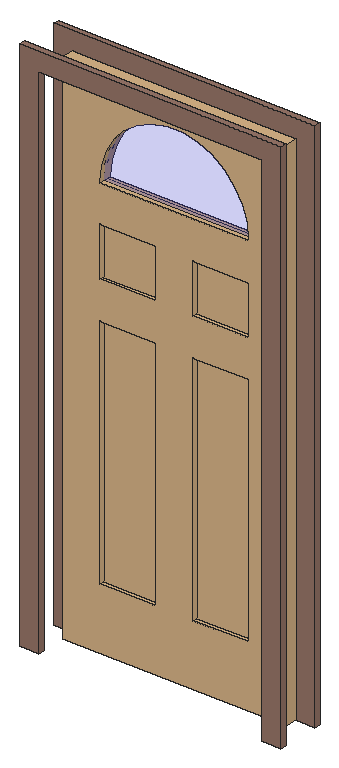
Revit family
Parameters (values of type "0915 x 2134mm")
  Thickness = 50.00 mm
  Frame Material = Door - Frame
  Height = 2134.00 mm
  Trim Projection Ext = 25.00 mm
  Trim Projection Int = 25.00 mm
  Trim Width = 75.00 mm
  Wall Closure = (empty or 0)
  Width = 915.00 mm
  Door Material = Door - Panel
Types (7, lengths in mm): name | Height | Trim Width | Width
  0915 x 2134mm | 2134.00 | 75.00 | 915.00
  0864 x 2134mm | 2134.00 | 76.00 | 864.00
  0813 x 2134mm | 2134.00 | 76.00 | 813.00
  0762 x 2134mm | 2134.00 | 76.00 | 762.00
  0762 x 2032mm | 2032.00 | 76.00 | 762.00
  0915 x 2032mm | 2032.00 | 76.00 | 915.00
  0864 x 2032mm | 2032.00 | 76.00 | 864.00
Reference planes
  plane 1: y = 0
  plane 2: z = 0
  plane 3: x = 0
  plane 4: x = -457.5
  plane 5: x = 457.5
  plane 6: z = 2134
  plane 7: x = 305.1
  plane 8: x = -305.1
  plane 9: z = 254
  plane 10: z = 1219.3
  plane 11: z = 1371.7
  plane 12: z = 1574.9
  plane 13: z = 1727.3
  plane 14: z = 2032.4
  plane 15: x = -76.2
  plane 16: x = 76.2
  plane 17: y = 75
Forms (mm)
  Extrusion 1, solid, material "Door - Panel" <- "Door Material"
    sketch origin (-1524, 76.2, 0) x (-1, 0, 0) y (0, 0, 1)
      loop
        line (-1218.9, 254) -> (-1218.9, 1219.3) -> (-1447.8, 1219.3) -> (-1447.8, 254) -> (-1218.9, 254)
      loop
        line (-1829.1, 1219.3) -> (-1829.1, 254) -> (-1600.2, 254) -> (-1600.2, 1219.3) -> (-1829.1, 1219.3)
      loop
        line (-1829.1, 1574.9) -> (-1829.1, 1371.7) -> (-1600.2, 1371.7) -> (-1600.2, 1574.9) -> (-1829.1, 1574.9)
      loop
        line (-1447.8, 1574.9) -> (-1447.8, 1371.7) -> (-1218.9, 1371.7) -> (-1218.9, 1574.9) -> (-1447.8, 1574.9)
    from -17.867 to -34.533
  Extrusion 2, solid, material "Glass"
    sketch origin (-1524, 76.2, 0) x (-1, 0, 0) y (0, 0, 1)
      loop
        arc (-1218.9, 1727.3) -> (-1524, 2032.4) -> (-1829.1, 1727.3) r 305.1
        line (-1829.1, 1727.3) -> (-1218.9, 1727.3)
    from -17.867 to -34.533
  Extrusion 3, solid, material "Door - Frame" <- "Frame Material"
    sketch origin (-1524, 75, 0) x (-1, 0, 0) y (0, 0, 1)
      loop
        line (-2057.5, 2209) -> (-2057.5, 0) -> (-1981.5, 0) -> (-1981.5, 2134) -> (-1066.5, 2134) -> (-1066.5, 0) -> (-990.5, 0) -> (-990.5, 2209) -> (-2057.5, 2209)
    from 0 to 25
  Extrusion 4, solid, material "Door - Frame" <- "Frame Material"
    sketch origin (-1524, -75, 0) x (1, 0, 0) y (0, 0, 1)
      loop
        line (2057.5, 0) -> (2057.5, 2209) -> (990.5, 2209) -> (990.5, 0) -> (1066.5, 0) -> (1066.5, 2134) -> (1981.5, 2134) -> (1981.5, 0) -> (2057.5, 0)
    from 0 to 25
  Extrusion 5, solid, material "Door - Panel" <- "Door Material"
    sketch origin (-1524, -75, 0) x (1, 0, 0) y (0, 0, 1)
      loop
        line (1066.5, 2134) -> (1066.5, 0) -> (1981.5, 0) -> (1981.5, 2134) -> (1066.5, 2134)
      loop
        line (1218.9, 1219.3) -> (1218.9, 254) -> (1447.8, 254) -> (1447.8, 1219.3) -> (1218.9, 1219.3)
      loop
        line (1600.2, 1219.3) -> (1600.2, 254) -> (1829.1, 254) -> (1829.1, 1219.3) -> (1600.2, 1219.3)
      loop
        line (1218.9, 1371.7) -> (1447.8, 1371.7) -> (1447.8, 1574.9) -> (1218.9, 1574.9) -> (1218.9, 1371.7)
      loop
        line (1829.1, 1574.9) -> (1600.2, 1574.9) -> (1600.2, 1371.7) -> (1829.1, 1371.7) -> (1829.1, 1574.9)
      loop
        line (1218.9, 1727.3) -> (1829.1, 1727.3)
        arc (1829.1, 1727.3) -> (1524, 2032.4) -> (1218.9, 1727.3) r 305.1
    from -150 to -100
Lines and regions (mm)
  Opening 1
    outline origin (-1524, -75, 3657.6) x (0, 0, -1) y (1, 0, 0)
      loop
        line (1523.6, 1066.5) -> (3657.6, 1066.5) -> (3657.6, 1981.5) -> (1523.6, 1981.5) -> (1523.6, 1066.5)
  symbolic lines, style "DoorsPanelProjection"
    curve 1: line (457.5, 75, 0) -> (407.5, 75, 0)
    curve 2: line (457.5, 75, 0) -> (457.5, 990.045, 0)
    curve 3: line (457.5, 990.045, 0) -> (407.5, 990.045, 0)
    curve 4: line (407.5, 75, 0) -> (407.5, 990.045, 0)
  model lines, style "DoorsFrameMullionProjection"
    curve 5: line (533.5, -75, 2209) -> (533.5, -75, 0)
    curve 6: line (533.5, 75, 0) -> (533.5, 75, 2209)
    curve 7: line (-533.5, 75, 2209) -> (533.5, 75, 2209)
    curve 8: line (-533.5, 75, 2209) -> (-533.5, 75, 0)
    curve 9: line (-528.882, -75, 2209) -> (512.718, -75, 2209)
    curve 10: line (-533.5, -75, 2209) -> (-533.5, -75, 0)
  symbolic lines, style "Plan Swing"
    curve 11: arc (407.5, 990.045, 0) -> (-207.943, 705.074, 0) -> (-458.91, 75, 0) r 916.41
  symbolic lines, style "Elevation Swing"
    curve 12: line (-457.5, 0, 2134) -> (457.5, 0, 1067)
    curve 13: line (457.5, 0, 1067) -> (-457.5, 0, 0)
Dimensions and locks
  equal spacing: plane 4, plane 3, plane 5
  "Width": plane 4 to plane 5
  "Height": plane 6 to plane 2
  locked: curve 7 to host wall
  plane 4 to plane 8 = 152.40 mm
  plane 7 to plane 5 = 152.40 mm
  "Trim Width": curve 9 to plane 6
  "Trim Projection Ext": Extrusion 3 to host wall
  "Trim Projection Int": Extrusion 4 to host wall
  "Thickness": curve 4 to plane 5
  locked: plane 9 to level at 254
  plane 6 to plane 14 to plane 13 to plane 12 to plane 11 to plane 10 = 101.60 mm, 305.10 mm, 152.40 mm, 203.20 mm, 152.40 mm
  locked: plane 15 to plane 16 at 152.4
  equal spacing: plane 15, plane 3, plane 16
  locked: plane 17 to host wall at 0
  "Thickness": Extrusion 5 to plane 17
  equal spacing: Extrusion 5, Extrusion 1, Extrusion 1, plane 17
  equal spacing: plane 17, Extrusion 2, Extrusion 2, Extrusion 5
  equal spacing: plane 6, curve 13, level
  aligned and locked: curve 5 to level
  aligned and locked: host wall to plane 1
  aligned and locked: curve 10 to curve 7
  aligned and locked: curve 10 to curve 8
  aligned and locked: curve 6 to Extrusion 3 sketch curve
  aligned and locked: Extrusion 3 sketch curve to curve 8
  aligned and locked: Extrusion 3 sketch curve to curve 7
  aligned and locked: plane 2 to Extrusion 3 sketch curve
  aligned and locked: Extrusion 4 sketch curve to curve 7
  aligned and locked: Extrusion 4 sketch curve to curve 5
  aligned and locked: Extrusion 4 sketch curve to curve 8
  aligned and locked: Extrusion 1 sketch curve to Extrusion 1 sketch curve  (x8)
  aligned and locked: plane 11 to Extrusion 1 sketch curve
  aligned and locked: plane 12 to Extrusion 1 sketch curve
  aligned and locked: Extrusion 1 sketch curve to plane 7
  aligned and locked: plane 8 to Extrusion 1 sketch curve
  aligned and locked: plane 15 to Extrusion 1 sketch curve
  aligned and locked: Extrusion 1 sketch curve to plane 16
  aligned and locked: Extrusion 1 sketch curve to plane 9
  aligned and locked: Extrusion 1 sketch curve to plane 10
  aligned and locked: Extrusion 2 sketch curve to plane 13
  aligned and locked: level to Extrusion 5 sketch curve
  aligned and locked: plane 6 to Extrusion 5 sketch curve
  aligned and locked: plane 5 to Extrusion 5 sketch curve
  aligned and locked: Extrusion 5 sketch curve to plane 4
  aligned and locked: Extrusion 5 sketch curve to plane 8
  aligned and locked: plane 15 to Extrusion 5 sketch curve
  aligned and locked: Extrusion 5 sketch curve to plane 16
  aligned and locked: plane 7 to Extrusion 5 sketch curve
  aligned and locked: Extrusion 5 sketch curve to plane 9  (x2)
  aligned and locked: plane 10 to Extrusion 5 sketch curve  (x2)
  aligned and locked: plane 11 to Extrusion 5 sketch curve  (x2)
  aligned and locked: Extrusion 5 sketch curve to plane 12  (x2)
  aligned and locked: Extrusion 5 sketch curve to plane 7
  aligned and locked: plane 8 to Extrusion 5 sketch curve
  aligned and locked: Extrusion 5 sketch curve to plane 15
  aligned and locked: plane 16 to Extrusion 5 sketch curve
  aligned and locked: Extrusion 5 sketch curve to Extrusion 2
  aligned and locked: host wall to Extrusion 5
Automatic sketch dimensions
  Opening 1 sketch curve to plane 6 = 0.00 mm
  Opening 1 sketch curve to level = 0.00 mm
  Opening 1 sketch curve to plane 4 = 0.00 mm
  Opening 1 sketch curve to plane 5 = 0.00 mm
  Extrusion 3 sketch curve to level = 0.00 mm
  Extrusion 4 sketch curve to level = 0.00 mm  (x2)
  Extrusion 4 sketch curve to plane 4 = 0.00 mm
  Extrusion 4 sketch curve to plane 5 = 0.00 mm
  Extrusion 4 sketch curve to plane 6 = 0.00 mm
  curve 1 to plane 5 = 0.00 mm
  curve 11 to plane 5 = 0.00 mm
  plane 4 to curve 11 = 1.41 mm
  Extrusion 3 sketch curve to plane 5 = 0.00 mm
  Extrusion 3 sketch curve to plane 4 = 0.00 mm
  Extrusion 3 sketch curve to plane 6 = 0.00 mm
  curve 1 to host wall = 0.00 mm
  Extrusion 2 sketch curve to plane 7 = 0.00 mm
  Extrusion 2 sketch curve to plane 8 = 0.00 mm
  Extrusion 5 sketch curve to plane 8 = 0.00 mm
  Extrusion 5 sketch curve to plane 3 = 0.00 mm
  curve 11 to host wall = 0.00 mm
  curve 12 to plane 4 = 0.00 mm
  curve 12 to plane 6 = 0.00 mm
  curve 12 to plane 5 = 0.00 mm
  curve 10 to level = 0.00 mm
  curve 6 to level = 0.00 mm
  curve 13 to level = 0.00 mm
  curve 8 to level = 0.00 mm
  curve 13 to plane 4 = 0.00 mm
  curve 10 to curve 9 = 0.00 mm
  curve 5 to curve 6 = 0.00 mm
  plane 4 to curve 9 = 71.382 mm
  curve 8 to curve 9 = 4.618 mm
  curve 9 to plane 5 = 55.218 mm
  curve 5 to plane 5 = 76.00 mm
  curve 6 to curve 5 = 0.00 mm
